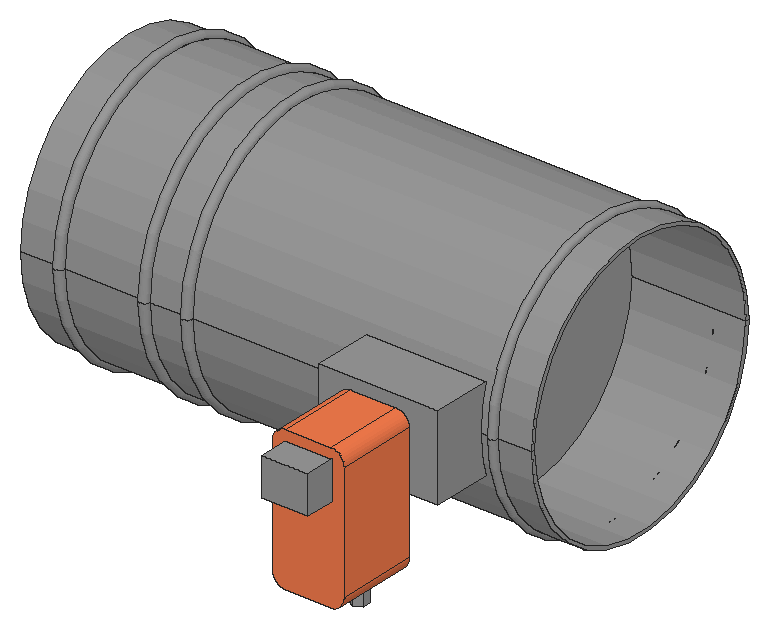
Revit family "ПЛ-10_Eng", category Duct Accessories, Revit 2021
Family settings
  Round Connector Dimension = Use Diameter
  Part Type = Attaches To
  Work Plane-Based = No
  Always vertical = Yes
  Cut with Voids When Loaded = No
  Shared = No
Parameters (values of type "PL-10-PVP230T-DN160/EI60")
  Width = B  # 255 mm
  Weight = 3.50 kg
  Voltage = 230 V  # constant formula
  Pressure_Static_Air [instance] = 0.0 Pa
  Number of Fase = 1  # constant formula
  Maximum Air Flow = 0.0 m³/h
  Load Classification = "HVAC"
  Length = L  # 300 mm
  Height = D  # 159 mm
  Frequency = 50 Hz  # constant formula
  Diameter = D  # 159 mm
  Default Elevation = 0 mm
  Manufacturer = "Vents"  # constant formula
  URL = "https://ventilation-system.com/series/pl-10-pkp-pvp-psp"
  Maintenance zone material = none
  Casing Material = Steel, galvanized
  R = D / 2  # 79.5 mm
  L = 300 mm
  D2 = D - 4 mm  # 155 mm
  D1 = D + 1 mm  # 160 mm
  D = 159 mm
  B = 255 mm
  Apparent Load = 6.5 VA  # constant formula
  Air Flow [instance] = 0.0 m³/h
  09_System_Name [instance] = ""
  00_20_Type = "PL-10-PVP230T-DN160/EI60"
  00_20_Name = "Fire-resisting damper"  # constant formula
  00_20_Manufacturer = "Vents"  # constant formula
Types (23, lengths in mm): name | Width | Weight | Maximum Air Flow | Length | Height | Diameter | R | L | D2 | D1 | D | B | 00_20_Type
  (no name) | 255 | 3.50 kg | 0.0 m³/h | 300 | 159 | 159 | 79.5 | 300 | 155 | 160 | 159 | 255 | "PL-10-PVP230T-DN160/EI60"
  PL-10-PVP230T-DN100/EI60 | 195 | 2.90 kg | 32400.0 m³/h | 300 | 99 | 99 | 49.5 | 300 | 95 | 100 | 99 | 195 | "PL-10-PVP230T-DN100/EI60"
  PL-10-PVP230T-DN400/EI60 | 505 | 9.90 kg | 0.0 m³/h | 310 | 399 | 399 | 199.5 | 310 | 395 | 400 | 399 | 505 | "PL-10-PVP230T-DN400/EI60"
  PL-10-PVP230T-DN100/EI120 | 195 | 2.90 kg | 0.0 m³/h | 300 | 99 | 99 | 49.5 | 300 | 95 | 100 | 99 | 195 | "PL-10-PVP230T-DN100/EI120"
  PL-10-PVP230T-DN400/EI120 | 505 | 9.90 kg | 0.0 m³/h | 310 | 399 | 399 | 199.5 | 310 | 395 | 400 | 399 | 505 | "PL-10-PVP230T-DN400/EI120"
  PL-10-PVP230T-DN125/EI60 | 215 | 3.10 kg | 0.0 m³/h | 300 | 124 | 124 | 62 | 300 | 120 | 125 | 124 | 215 | "PL-10-PVP230T-DN125/EI60"
  PL-10-PVP230T-DN125/EI120 | 215 | 3.10 kg | 0.0 m³/h | 300 | 124 | 124 | 62 | 300 | 120 | 125 | 124 | 215 | "PL-10-PVP230T-DN125/EI120"
  PL-10-PVP230T-DN150/EI60 | 245 | 3.40 kg | 0.0 m³/h | 300 | 149 | 149 | 74.5 | 300 | 145 | 150 | 149 | 245 | "PL-10-PVP230T-DN150/EI60"
  PL-10-PVP230T-DN150/EI120 | 245 | 3.40 kg | 0.0 m³/h | 300 | 149 | 149 | 74.5 | 300 | 145 | 150 | 149 | 245 | "PL-10-PVP230T-DN150/EI120"
  PL-10-PVP230T-DN160/EI120 | 255 | 3.50 kg | 0.0 m³/h | 300 | 159 | 159 | 79.5 | 300 | 155 | 160 | 159 | 255 | "PL-10-PVP230T-DN160/EI120"
  PL-10-PVP230T-DN180/EI120 | 275 | 3.80 kg | 0.0 m³/h | 300 | 179 | 179 | 89.5 | 300 | 175 | 180 | 179 | 275 | "PL-10-PVP230T-DN180/EI120"
  PL-10-PVP230T-DN160/EI60 | 255 | 3.50 kg | 0.0 m³/h | 300 | 159 | 159 | 79.5 | 300 | 155 | 160 | 159 | 255 | "PL-10-PVP230T-DN160/EI60"
  PL-10-PVP230T-DN180/EI60 | 275 | 3.80 kg | 0.0 m³/h | 300 | 179 | 179 | 89.5 | 300 | 175 | 180 | 179 | 275 | "PL-10-PVP230T-DN180/EI60"
  PL-10-PVP230T-DN200/EI120 | 295 | 4.00 kg | 0.0 m³/h | 300 | 199 | 199 | 99.5 | 300 | 195 | 200 | 199 | 295 | "PL-10-PVP230T-DN200/EI120"
  PL-10-PVP230T-DN200/EI60 | 295 | 4.00 kg | 0.0 m³/h | 300 | 199 | 199 | 99.5 | 300 | 195 | 200 | 199 | 295 | "PL-10-PVP230T-DN200/EI60"
  PL-10-PVP230T-DN225/EI120 | 325 | 4.40 kg | 0.0 m³/h | 300 | 224 | 224 | 112 | 300 | 220 | 225 | 224 | 325 | "PL-10-PVP230T-DN225/EI120"
  PL-10-PVP230T-DN225/EI60 | 325 | 4.40 kg | 0.0 m³/h | 300 | 224 | 224 | 112 | 300 | 220 | 225 | 224 | 325 | "PL-10-PVP230T-DN225/EI60"
  PL-10-PVP230T-DN250/EI120 | 345 | 4.70 kg | 0.0 m³/h | 310 | 249 | 249 | 124.5 | 310 | 245 | 250 | 249 | 345 | "PL-10-PVP230T-DN250/EI120"
  PL-10-PVP230T-DN250/EI60 | 345 | 4.70 kg | 0.0 m³/h | 310 | 249 | 249 | 124.5 | 310 | 245 | 250 | 249 | 345 | "PL-10-PVP230T-DN250/EI60"
  PL-10-PVP230T-DN315/EI120 | 415 | 6.50 kg | 0.0 m³/h | 310 | 314 | 314 | 157 | 310 | 310 | 315 | 314 | 415 | "PL-10-PVP230T-DN315/EI120"
  PL-10-PVP230T-DN315/EI60 | 415 | 6.50 kg | 0.0 m³/h | 310 | 314 | 314 | 157 | 310 | 310 | 315 | 314 | 415 | "PL-10-PVP230T-DN315/EI60"
  PL-10-PVP230T-DN355/EI120 | 455 | 8.30 kg | 0.0 m³/h | 310 | 354 | 354 | 177 | 310 | 350 | 355 | 354 | 455 | "PL-10-PVP230T-DN355/EI120"
  PL-10-PVP230T-DN355/EI60 | 455 | 8.30 kg | 0.0 m³/h | 310 | 354 | 354 | 177 | 310 | 350 | 355 | 354 | 455 | "PL-10-PVP230T-DN355/EI60"
Reference planes
  plane 1 "По центру (Вперед/Назад)": y = 0
  plane 2: z = 0
  plane 3 "По центру (Влево/Вправо)": x = 0
  plane 4: y = 79.5
Forms (mm)
  Revolve 1, solid, material "Steel, galvanized"
    sketch origin (0, 0, 0) x (1, 0, 0) y (0, 1, 0)
      loop
        line (-150, 79.5) -> (-150, 77.5) -> (150, 77.5) -> (150, 79.5) -> (130, 79.5)
        arc (130, 79.5) -> (127.5, 82) -> (125, 79.5) r 2.5
        line (125, 79.5) -> (-49, 79.5)
        arc (-49, 79.5) -> (-52, 82.5) -> (-55, 79.5) r 3
        line (-55, 79.5) -> (-74, 79.5)
        arc (-74, 79.5) -> (-77, 82.5) -> (-80, 79.5) r 3
        line (-80, 79.5) -> (-124, 79.5)
        arc (-124, 79.5) -> (-127, 82.5) -> (-130, 79.5) r 3
        line (-130, 79.5) -> (-150, 79.5)
      axis (-150, 0) -> (150, 0)
    angle from 0 to 360
  Extrusion 2, solid, material "Steel, galvanized"
    sketch origin (0, 0, 0) x (0, 1, 0) y (0, 0, 1)
      loop
        circle (0, 0) r 77.5
    from 81 to 83
  Extrusion 3, solid, material "Steel, galvanized"
    sketch origin (0, 0, 0) x (0, 1, 0) y (0, 0, 1)
      loop
        line (-110.5, -24.813) -> (-75.528, -24.813)
        arc (-75.528, -24.813) -> (-79.5, 0) -> (-75.528, 24.813) r 79.5
        line (-75.528, 24.813) -> (-110.5, 24.813) -> (-110.5, -24.813)
    from 120 to 50
Dimensions and locks
  "R": plane 1 "По центру (Вперед/Назад)" to Revolve 1 sketch curve
  locked: Revolve 1 sketch curve to Revolve 1 sketch curve at 20  (x2)
  "L": Revolve 1 sketch curve to Revolve 1 sketch curve
  equal spacing: Revolve 1 sketch curve, plane 3 "По центру (Влево/Вправо)", Revolve 1 sketch curve
  locked: Extrusion 3 to Revolve 1 at 30
  nested 1 to plane 1 "По центру (Вперед/Назад)" = 110.5 mm
  locked: Extrusion 3 sketch curve to Extrusion 3 sketch curve at 49.627
  equal spacing: Extrusion 3 sketch curve, level, Extrusion 3 sketch curve
  "R": plane 1 "По центру (Вперед/Назад)" to plane 4
  locked: nested 1 to Revolve 1 at 68
  "B": nested 1 to plane 4
  nested 1 to Extrusion 3 sketch curve = 65 mm
  locked: Revolve 1 sketch curve to Revolve 1 sketch curve at 70
  locked: Revolve 1 sketch curve to Revolve 1 sketch curve at 95
  "D2": diameter of Extrusion 2 sketch curve
  "R": radius of Extrusion 3 sketch curve
  aligned and locked: level to plane 2
Automatic sketch dimensions
  plane 1 "По центру (Вперед/Назад)" to Revolve 1 sketch curve = 0 mm
  Revolve 1 sketch curve to Revolve 1 sketch curve = 3 mm  (x3)
  Revolve 1 sketch curve to Revolve 1 sketch curve = 5 mm
  Revolve 1 sketch curve to plane 4 = 2 mm
  Revolve 1 sketch curve to Revolve 1 sketch curve = 55 mm
  plane 3 "По центру (Влево/Вправо)" to Revolve 1 sketch curve = 60 mm
  Extrusion 2 sketch curve to level = 0 mm
  Extrusion 2 sketch curve to plane 1 "По центру (Вперед/Назад)" = 0 mm
  Extrusion 3 sketch curve to level = 0 mm
  Extrusion 3 sketch curve to plane 1 "По центру (Вперед/Назад)" = 0 mm
Nested families
  nested 1: "Сonnector" at (82, -110.5, 0.546), type "Сonnector"
Connectors
  hvac at (150, 0, 0), driven by "D1"
    settings: on Revolve 1, index 1, duct flow 0.0 m³/h, flow factor 0, pres drop 0.0 Pa, loss coef 0, conn angle 0.00°, conn width 304.8 mm, conn height 304.8 mm, conn diameter 160 mm, duct sys type 3, conn prof type 0, flow config 0, flow direction 2, loss method 0, conn ref index -1, conn util no, is conn primary yes, conn desc ""
  hvac at (-150, 0, 0), driven by "D1"
    settings: on Revolve 1, index 2, duct flow 0.0 m³/h, flow factor 0, pres drop 0.0 Pa, loss coef 0, conn angle 0.00°, conn width 304.8 mm, conn height 304.8 mm, conn diameter 160 mm, duct sys type 1, conn prof type 0, flow config 0, flow direction 1, loss method 0, conn ref index -1, conn util no, is conn primary no, conn desc ""
Definition of nested family "Сonnector"
  Parameters (values of type "Клемная коробка")
    Default Elevation = 0 mm
  Reference planes
    plane 1 "По центру (Вперед/Назад)": y = 0
    plane 2: z = 0
    plane 3 "По центру (Влево/Вправо)": x = 0
  Forms (mm)
    Extrusion 1, solid
      sketch origin (0, 0, -1.093) x (1, 0, 0) y (0, 0, 1)
        loop
          arc (-13.157, 18.273) -> (-18.739, 15.961) -> (-21.051, 10.379) r 7.894
          line (-21.051, 10.379) -> (-21.051, -58.037)
          arc (-21.051, -58.037) -> (-18.739, -63.619) -> (-13.157, -65.931) r 7.894
          line (-13.157, -65.931) -> (13.157, -65.931)
          arc (13.157, -65.931) -> (18.739, -63.619) -> (21.051, -58.037) r 7.894
          line (21.051, -58.037) -> (21.051, 10.379)
          arc (21.051, 10.379) -> (18.739, 15.961) -> (13.157, 18.273) r 7.894
          line (13.157, 18.273) -> (-13.157, 18.273)
      from 0 to 47.632
    Extrusion 2, solid
      sketch origin (0, 0, -18.205) x (1, 0, 0) y (0, 0, 1)
        loop
          line (13.587, 29.446) -> (-13.587, 29.446) -> (-13.587, 6.964) -> (13.587, 6.964) -> (13.587, 29.446)
      from 47.632 to 65
    Extrusion 3, solid
      sketch origin (0, 0, -18.205) x (1, 0, 0) y (0, 0, 1)
        loop
          circle (0, 18.269) r 5
      from -60 to 0
    Extrusion 4, solid
      sketch origin (0, -8.348, 0) x (1, 0, 0) y (0, 1, 0)
        loop
          line (-8.459, -7.539) -> (-12.788, -10.039) -> (-12.788, -15.039) -> (-8.459, -17.538) -> (-4.129, -15.039) -> (-4.129, -10.039) -> (-8.459, -7.539)
        loop
          line (8.459, -7.539) -> (4.129, -10.039) -> (4.129, -15.039) -> (8.459, -17.538) -> (12.788, -15.039) -> (12.788, -10.039) -> (8.459, -7.539)
      from -67.024 to -77.489
  Dimensions and locks
    aligned and locked: level to plane 2
